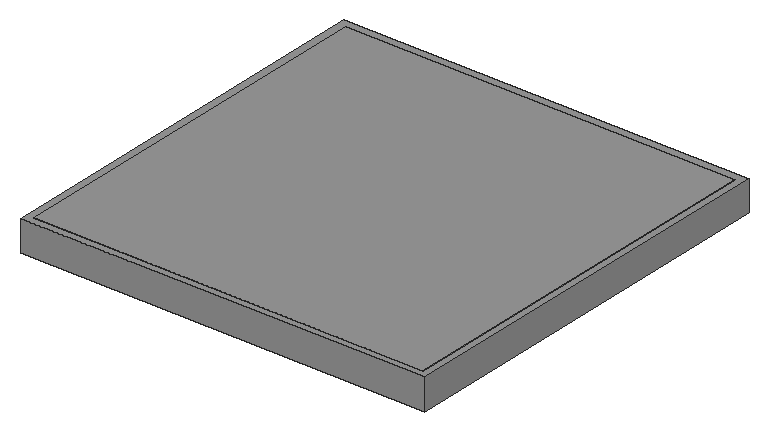
Revit family "ДВО-09 30 Вт Грильято DALI", category Осветительные приборы, Revit 2019 (continued)
Types (6, lengths in mm): name | Эффективность светильника | Файл фотометрической сетки | Тип рассеивателя | Световой поток модуля | built-in parameter 1150142 | Wattage | built-in parameter 1114217 | built-in parameter 1150134 | Lumens | built-in parameter 1150105 | Категория по ограничению яркости | built-in parameter 1150107 | built-in parameter 1150106 | Габаритная яркость | Артикул | URL
    0 0.0 0.0 0.0 0.0 0.0 0.0 0.0 0.0 0.0 0.0 0.0 0.0 0.0 0.0 0.0 0.0 0.0 0.0 0.0 0.0 0.0 0.0 0.0 0.0 0.0 0.0 0.0 0.0 0.0 0.0 0.0 0.0 0.0 0.0 0.0 0.0 0.0 0.0 0.0 0.0 0.0 0.0 0.0 0.0 0.0 0.0 0.0 0.0 0.0 0.0 0.0 0.0 0.0 0.0 0.0 0.0 0.0 0.0 0.0\r\n1213.1 1212.5 1211.4 1209.7 1207.7 1205.2 1202.4 1199.0 1195.1 1191.1 1186.4 1181.3 1175.8 1169.6 1163.1 1156.1 1148.7 1141.0 1132.7 1124.2 1115.2 1105.9 1096.5 1086.6 1076.2 1065.2 1054.2 1042.6 1030.9 1018.7 1006.2 993.3 980.2 966.5 952.8 939.0 924.7 910.3 895.5 880.5 865.0 849.3 833.2 816.8 800.2 783.4 766.4 749.3 732.0 714.6 697.1 679.1 660.9 642.4 623.7 604.6 585.4 566.0 546.5 526.9 507.2 487.3 467.1 446.8 426.5 405.8 385.0 364.5 343.5 322.9 301.9 281.4 260.6 240.4 219.8 200.1 180.2 161.0 141.9 123.4 105.7 88.9 73.1 58.6 45.7 34.3 25.1 18.0 12.9 9.6 7.6 6.6 6.2 6.1 6.2 6.2 6.2 6.2 6.3 6.3 0.0 0.0 0.0 0.0 0.0 0.0 0.0 0.0 0.0 0.0 0.0 0.0 0.0 0.0 0.0 0.0 0.0 0.0 0.0 0.0 0.0 0.0 0.0 0.0 0.0 0.0 0.0 0.0 0.0 0.0 0.0 0.0 0.0 0.0 0.0 0.0 0.0 0.0 0.0 0.0 0.0 0.0 0.0 0.0 0.0 0.0 0.0 0.0 0.0 0.0 0.0 0.0 0.0 0.0 0.0 0.0 0.0 0.0 0.0 0.0 0.0\r\n1213.1 1212.4 1211.4 1209.9 1207.9 1205.4 1202.5 1199.2 1195.4 1191.4 1186.7 1181.5 1176.1 1170.0 1163.6 1156.8 1149.5 1141.8 1133.8 1125.3 1116.3 1106.9 1097.4 1087.3 1076.9 1066.0 1055.1 1043.6 1032.1 1020.1 1007.7 995.1 982.0 968.3 954.5 940.5 926.0 911.6 896.4 881.5 865.6 850.1 833.9 817.7 801.0 784.3 767.3 750.5 733.2 716.1 698.4 680.8 662.5 644.3 625.5 606.7 587.4 568.2 548.4 528.9 509.0 489.1 468.8 448.8 428.2 407.8 387.1 366.6 345.6 325.0 304.0 283.4 262.5 242.3 221.7 201.9 182.0 162.7 143.6 124.9 107.4 90.3 74.6 59.7 46.8 35.2 26.0 18.6 13.5 10.1 7.9 6.9 6.3 6.1 6.2 6.2 6.2 6.2 6.3 6.4 0.0 0.0 0.0 0.0 0.0 0.0 0.0 0.0 0.0 0.0 0.0 0.0 0.0 0.0 0.0 0.0 0.0 0.0 0.0 0.0 0.0 0.0 0.0 0.0 0.0 0.0 0.0 0.0 0.0 0.0 0.0 0.0 0.0 0.0 0.0 0.0 0.0 0.0 0.0 0.0 0.0 0.0 0.0 0.0 0.0 0.0 0.0 0.0 0.0 0.0 0.0 0.0 0.0 0.0 0.0 0.0 0.0 0.0 0.0 0.0 0.0\r\n1213.1 1212.4 1211.2 1209.5 1207.3 1204.6 1201.4 1197.9 1193.9 1189.7 1184.8 1179.6 1173.9 1167.8 1161.1 1154.1 1146.5 1138.6 1130.3 1121.6 1112.5 1102.9 1093.3 1083.0 1072.6 1061.6 1050.5 1038.7 1027.0 1014.6 1002.0 989.0 975.7 961.8 947.9 933.7 919.2 904.6 889.6 874.5 859.0 843.5 827.5 811.2 794.7 777.8 760.8 743.6 726.1 708.5 690.7 672.6 654.3 635.8 617.2 598.2 579.1 559.8 540.3 520.6 500.6 480.7 460.3 440.2 419.4 399.0 378.2 357.6 336.7 316.2 295.3 275.0 254.3 234.4 214.1 194.5 175.0 156.0 137.2 119.1 101.8 85.3 70.0 55.8 43.3 32.6 23.9 17.1 12.4 9.3 7.5 6.7 6.4 6.3 6.4 6.4 6.3 6.4 6.5 6.6 0.0 0.0 0.0 0.0 0.0 0.0 0.0 0.0 0.0 0.0 0.0 0.0 0.0 0.0 0.0 0.0 0.0 0.0 0.0 0.0 0.0 0.0 0.0 0.0 0.0 0.0 0.0 0.0 0.0 0.0 0.0 0.0 0.0 0.0 0.0 0.0 0.0 0.0 0.0 0.0 0.0 0.0 0.0 0.0 0.0 0.0 0.0 0.0 0.0 0.0 0.0 0.0 0.0 0.0 0.0 0.0 0.0 0.0 0.0 0.0 0.0\r\n1213.1 1212.4 1211.0 1209.0 1206.6 1203.8 1200.3 1196.6 1192.3 1187.9 1182.9 1177.6 1171.6 1165.5 1158.5 1151.3 1143.5 1135.3 1126.8 1117.8 1108.6 1098.9 1089.1 1078.7 1068.2 1057.1 1045.8 1033.8 1021.8 1009.1 996.3 982.8 969.3 955.2 941.2 926.8 912.4 897.5 882.7 867.5 852.4 836.8 821.0 804.7 788.4 771.2 754.2 736.6 719.0 700.8 683.0 664.4 646.1 627.2 608.8 589.7 570.8 551.3 532.1 512.2 492.1 472.3 451.8 431.6 410.6 390.1 369.2 348.6 327.7 307.3 286.6 266.5 246.0 226.4 206.4 187.1 167.9 149.3 130.8 113.3 96.2 80.2 65.4 51.9 39.8 29.9 21.7 15.6 11.2 8.5 7.0 6.5 6.4 6.4 6.5 6.6 6.4 6.6 6.7 6.7 0.0 0.0 0.0 0.0 0.0 0.0 0.0 0.0 0.0 0.0 0.0 0.0 0.0 0.0 0.0 0.0 0.0 0.0 0.0 0.0 0.0 0.0 0.0 0.0 0.0 0.0 0.0 0.0 0.0 0.0 0.0 0.0 0.0 0.0 0.0 0.0 0.0 0.0 0.0 0.0 0.0 0.0 0.0 0.0 0.0 0.0 0.0 0.0 0.0 0.0 0.0 0.0 0.0 0.0 0.0 0.0 0.0 0.0 0.0 0.0 0.0\r\n1213.1 1212.5 1211.3 1209.5 1207.5 1205.0 1202.2 1198.8 1194.8 1190.7 1186.0 1181.0 1175.4 1169.1 1162.5 1155.4 1147.9 1140.1 1131.6 1123.0 1114.0 1104.9 1095.6 1085.8 1075.4 1064.4 1053.3 1041.6 1029.7 1017.2 1004.6 991.4 978.3 964.7 951.1 937.4 923.4 908.9 894.5 879.4 864.4 848.5 832.5 815.9 799.4 782.4 765.5 748.1 730.8 713.1 695.7 677.3 659.3 640.5 621.9 602.4 583.3 563.7 544.6 524.8 505.4 485.4 465.4 444.8 424.7 403.8 382.9 362.4 341.4 320.7 299.8 279.3 258.6 238.4 217.9 198.2 178.3 159.2 140.1 121.9 104.0 87.4 71.6 57.5 44.5 33.3 24.2 17.3 12.3 9.1 7.2 6.3 6.1 6.1 6.1 6.2 6.1 6.2 6.3 6.2 0.0 0.0 0.0 0.0 0.0 0.0 0.0 0.0 0.0 0.0 0.0 0.0 0.0 0.0 0.0 0.0 0.0 0.0 0.0 0.0 0.0 0.0 0.0 0.0 0.0 0.0 0.0 0.0 0.0 0.0 0.0 0.0 0.0 0.0 0.0 0.0 0.0 0.0 0.0 0.0 0.0 0.0 0.0 0.0 0.0 0.0 0.0 0.0 0.0 0.0 0.0 0.0 0.0 0.0 0.0 0.0 0.0 0.0 0.0 0.0 0.0\r\n1213.1 1212.5 1211.4 1209.7 1207.7 1205.2 1202.4 1199.0 1195.1 1191.1 1186.4 1181.3 1175.8 1169.6 1163.1 1156.1 1148.7 1141.0 1132.7 1124.2 1115.2 1105.9 1096.5 1086.6 1076.2 1065.2 1054.2 1042.6 1030.9 1018.7 1006.2 993.3 980.2 966.5 952.8 939.0 924.7 910.3 895.5 880.5 865.0 849.3 833.2 816.8 800.2 783.4 766.4 749.3 732.0 714.6 697.1 679.1 660.9 642.4 623.7 604.6 585.4 566.0 546.5 526.9 507.2 487.3 467.1 446.8 426.5 405.8 385.0 364.5 343.5 322.9 301.9 281.4 260.6 240.4 219.8 200.1 180.2 161.0 141.9 123.4 105.7 88.9 73.1 58.6 45.7 34.3 25.1 18.0 12.9 9.6 7.6 6.6 6.2 6.1 6.2 6.2 6.2 6.2 6.3 6.3 0.0 0.0 0.0 0.0 0.0 0.0 0.0 0.0 0.0 0.0 0.0 0.0 0.0 0.0 0.0 0.0 0.0 0.0 0.0 0.0 0.0 0.0 0.0 0.0 0.0 0.0 0.0 0.0 0.0 0.0 0.0 0.0 0.0 0.0 0.0 0.0 0.0 0.0 0.0 0.0 0.0 0.0 0.0 0.0 0.0 0.0 0.0 0.0 0.0 0.0 0.0 0.0 0.0 0.0 0.0 0.0 0.0 0.0 0.0 0.0 0.0\r\n1213.1 1212.4 1211.4 1209.9 1207.9 1205.4 1202.5 1199.2 1195.4 1191.4 1186.7 1181.5 1176.1 1170.0 1163.6 1156.8 1149.5 1141.8 1133.8 1125.3 1116.3 1106.9 1097.4 1087.3 1076.9 1066.0 1055.1 1043.6 1032.1 1020.1 1007.7 995.1 982.0 968.3 954.5 940.5 926.0 911.6 896.4 881.5 865.6 850.1 833.9 817.7 801.0 784.3 767.3 750.5 733.2 716.1 698.4 680.8 662.5 644.3 625.5 606.7 587.4 568.2 548.4 528.9 509.0 489.1 468.8 448.8 428.2 407.8 387.1 366.6 345.6 325.0 304.0 283.4 262.5 242.3 221.7 201.9 182.0 162.7 143.6 124.9 107.4 90.3 74.6 59.7 46.8 35.2 26.0 18.6 13.5 10.1 7.9 6.9 6.3 6.1 6.2 6.2 6.2 6.2 6.3 6.4 0.0 0.0 0.0 0.0 0.0 0.0 0.0 0.0 0.0 0.0 0.0 0.0 0.0 0.0 0.0 0.0 0.0 0.0 0.0 0.0 0.0 0.0 0.0 0.0 0.0 0.0 0.0 0.0 0.0 0.0 0.0 0.0 0.0 0.0 0.0 0.0 0.0 0.0 0.0 0.0 0.0 0.0 0.0 0.0 0.0 0.0 0.0 0.0 0.0 0.0 0.0 0.0 0.0 0.0 0.0 0.0 0.0 0.0 0.0 0.0 0.0\r\n1213.1 1212.4 1211.2 1209.5 1207.3 1204.6 1201.4 1197.9 1193.9 1189.7 1184.8 1179.6 1173.9 1167.8 1161.1 1154.1 1146.5 1138.6 1130.3 1121.6 1112.5 1102.9 1093.3 1083.0 1072.6 1061.6 1050.5 1038.7 1027.0 1014.6 1002.0 989.0 975.7 961.8 947.9 933.7 919.2 904.6 889.6 874.5 859.0 843.5 827.5 811.2 794.7 777.8 760.8 743.6 726.1 708.5 690.7 672.6 654.3 635.8 617.2 598.2 579.1 559.8 540.3 520.6 500.6 480.7 460.3 440.2 419.4 399.0 378.2 357.6 336.7 316.2 295.3 275.0 254.3 234.4 214.1 194.5 175.0 156.0 137.2 119.1 101.8 85.3 70.0 55.8 43.3 32.6 23.9 17.1 12.4 9.3 7.5 6.7 6.4 6.3 6.4 6.4 6.3 6.4 6.5 6.6 0.0 0.0 0.0 0.0 0.0 0.0 0.0 0.0 0.0 0.0 0.0 0.0 0.0 0.0 0.0 0.0 0.0 0.0 0.0 0.0 0.0 0.0 0.0 0.0 0.0 0.0 0.0 0.0 0.0 0.0 0.0 0.0 0.0 0.0 0.0 0.0 0.0 0.0 0.0 0.0 0.0 0.0 0.0 0.0 0.0 0.0 0.0 0.0 0.0 0.0 0.0 0.0 0.0 0.0 0.0 0.0 0.0 0.0 0.0 0.0 0.0\r\n1213.1 1212.4 1211.0 1209.0 1206.6 1203.8 1200.3 1196.6 1192.3 1187.9 1182.9 1177.6 1171.6 1165.5 1158.5 1151.3 1143.5 1135.3 1126.8 1117.8 1108.6 1098.9 1089.1 1078.7 1068.2 1057.1 1045.8 1033.8 1021.8 1009.1 996.3 982.8 969.3 955.2 941.2 926.8 912.4 897.5 882.7 867.5 852.4 836.8 821.0 804.7 788.4 771.2 754.2 736.6 719.0 700.8 683.0 664.4 646.1 627.2 608.8 589.7 570.8 551.3 532.1 512.2 492.1 472.3 451.8 431.6 410.6 390.1 369.2 348.6 327.7 307.3 286.6 266.5 246.0 226.4 206.4 187.1 167.9 149.3 130.8 113.3 96.2 80.2 65.4 51.9 39.8 29.9 21.7 15.6 11.2 8.5 7.0 6.5 6.4 6.4 6.5 6.6 6.4 6.6 6.7 6.7 0.0 0.0 0.0 0.0 0.0 0.0 0.0 0.0 0.0 0.0 0.0 0.0 0.0 0.0 0.0 0.0 0.0 0.0 0.0 0.0 0.0 0.0 0.0 0.0 0.0 0.0 0.0 0.0 0.0 0.0 0.0 0.0 0.0 0.0 0.0 0.0 0.0 0.0 0.0 0.0 0.0 0.0 0.0 0.0 0.0 0.0 0.0 0.0 0.0 0.0 0.0 0.0 0.0 0.0 0.0 0.0 0.0 0.0 0.0 0.0 0.0\r\n1213.1 1212.5 1211.3 1209.5 1207.5 1205.0 1202.2 1198.8 1194.8 1190.7 1186.0 1181.0 1175.4 1169.1 1162.5 1155.4 1147.9 1140.1 1131.6 1123.0 1114.0 1104.9 1095.6 1085.8 1075.4 1064.4 1053.3 1041.6 1029.7 1017.2 1004.6 991.4 978.3 964.7 951.1 937.4 923.4 908.9 894.5 879.4 864.4 848.5 832.5 815.9 799.4 782.4 765.5 748.1 730.8 713.1 695.7 677.3 659.3 640.5 621.9 602.4 583.3 563.7 544.6 524.8 505.4 485.4 465.4 444.8 424.7 403.8 382.9 362.4 341.4 320.7 299.8 279.3 258.6 238.4 217.9 198.2 178.3 159.2 140.1 121.9 104.0 87.4 71.6 57.5 44.5 33.3 24.2 17.3 12.3 9.1 7.2 6.3 6.1 6.1 6.1 6.2 6.1 6.2 6.3 6.2 0.0 0.0 0.0 0.0 0.0 0.0 0.0 0.0 0.0 0.0 0.0 0.0 0.0 0.0 0.0 0.0 0.0 0.0 0.0 0.0 0.0 0.0 0.0 0.0 0.0 0.0 0.0 0.0 0.0 0.0 0.0 0.0 0.0 0.0 0.0 0.0 0.0 0.0 0.0 0.0 0.0 0.0 0.0 0.0 0.0 0.0 0.0 0.0 0.0 0.0 0.0 0.0 0.0 0.0 0.0 0.0 0.0 0.0 0.0 0.0 0.0\r\n1213.1 1212.5 1211.4 1209.7 1207.7 1205.2 1202.4 1199.0 1195.1 1191.1 1186.4 1181.3 1175.8 1169.6 1163.1 1156.1 1148.7 1141.0 1132.7 1124.2 1115.2 1105.9 1096.5 1086.6 1076.2 1065.2 1054.2 1042.6 1030.9 1018.7 1006.2 993.3 980.2 966.5 952.8 939.0 924.7 910.3 895.5 880.5 865.0 849.3 833.2 816.8 800.2 783.4 766.4 749.3 732.0 714.6 697.1 679.1 660.9 642.4 623.7 604.6 585.4 566.0 546.5 526.9 507.2 487.3 467.1 446.8 426.5 405.8 385.0 364.5 343.5 322.9 301.9 281.4 260.6 240.4 219.8 200.1 180.2 161.0 141.9 123.4 105.7 88.9 73.1 58.6 45.7 34.3 25.1 18.0 12.9 9.6 7.6 6.6 6.2 6.1 6.2 6.2 6.2 6.2 6.3 6.3 0.0 0.0 0.0 0.0 0.0 0.0 0.0 0.0 0.0 0.0 0.0 0.0 0.0 0.0 0.0 0.0 0.0 0.0 0.0 0.0 0.0 0.0 0.0 0.0 0.0 0.0 0.0 0.0 0.0 0.0 0.0 0.0 0.0 0.0 0.0 0.0 0.0 0.0 0.0 0.0 0.0 0.0 0.0 0.0 0.0 0.0 0.0 0.0 0.0 0.0 0.0 0.0 0.0 0.0 0.0 0.0 0.0 0.0 0.0 0.0 0.0\r\n1213.1 1212.4 1211.4 1209.9 1207.9 1205.4 1202.5 1199.2 1195.4 1191.4 1186.7 1181.5 1176.1 1170.0 1163.6 1156.8 1149.5 1141.8 1133.8 1125.3 1116.3 1106.9 1097.4 1087.3 1076.9 1066.0 1055.1 1043.6 1032.1 1020.1 1007.7 995.1 982.0 968.3 954.5 940.5 926.0 911.6 896.4 881.5 865.6 850.1 833.9 817.7 801.0 784.3 767.3 750.5 733.2 716.1 698.4 680.8 662.5 644.3 625.5 606.7 587.4 568.2 548.4 528.9 509.0 489.1 468.8 448.8 428.2 407.8 387.1 366.6 345.6 325.0 304.0 283.4 262.5 242.3 221.7 201.9 182.0 162.7 143.6 124.9 107.4 90.3 74.6 59.7 46.8 35.2 26.0 18.6 13.5 10.1 7.9 6.9 6.3 6.1 6.2 6.2 6.2 6.2 6.3 6.4 0.0 0.0 0.0 0.0 0.0 0.0 0.0 0.0 0.0 0.0 0.0 0.0 0.0 0.0 0.0 0.0 0.0 0.0 0.0 0.0 0.0 0.0 0.0 0.0 0.0 0.0 0.0 0.0 0.0 0.0 0.0 0.0 0.0 0.0 0.0 0.0 0.0 0.0 0.0 0.0 0.0 0.0 0.0 0.0 0.0 0.0 0.0 0.0 0.0 0.0 0.0 0.0 0.0 0.0 0.0 0.0 0.0 0.0 0.0 0.0 0.0\r\n1213.1 1212.4 1211.2 1209.5 1207.3 1204.6 1201.4 1197.9 1193.9 1189.7 1184.8 1179.6 1173.9 1167.8 1161.1 1154.1 1146.5 1138.6 1130.3 1121.6 1112.5 1102.9 1093.3 1083.0 1072.6 1061.6 1050.5 1038.7 1027.0 1014.6 1002.0 989.0 975.7 961.8 947.9 933.7 919.2 904.6 889.6 874.5 859.0 843.5 827.5 811.2 794.7 777.8 760.8 743.6 726.1 708.5 690.7 672.6 654.3 635.8 617.2 598.2 579.1 559.8 540.3 520.6 500.6 480.7 460.3 440.2 419.4 399.0 378.2 357.6 336.7 316.2 295.3 275.0 254.3 234.4 214.1 194.5 175.0 156.0 137.2 119.1 101.8 85.3 70.0 55.8 43.3 32.6 23.9 17.1 12.4 9.3 7.5 6.7 6.4 6.3 6.4 6.4 6.3 6.4 6.5 6.6 0.0 0.0 0.0 0.0 0.0 0.0 0.0 0.0 0.0 0.0 0.0 0.0 0.0 0.0 0.0 0.0 0.0 0.0 0.0 0.0 0.0 0.0 0.0 0.0 0.0 0.0 0.0 0.0 0.0 0.0 0.0 0.0 0.0 0.0 0.0 0.0 0.0 0.0 0.0 0.0 0.0 0.0 0.0 0.0 0.0 0.0 0.0 0.0 0.0 0.0 0.0 0.0 0.0 0.0 0.0 0.0 0.0 0.0 0.0 0.0 0.0\r\n1213.1 1212.4 1211.0 1209.0 1206.6 1203.8 1200.3 1196.6 1192.3 1187.9 1182.9 1177.6 1171.6 1165.5 1158.5 1151.3 1143.5 1135.3 1126.8 1117.8 1108.6 1098.9 1089.1 1078.7 1068.2 1057.1 1045.8 1033.8 1021.8 1009.1 996.3 982.8 969.3 955.2 941.2 926.8 912.4 897.5 882.7 867.5 852.4 836.8 821.0 804.7 788.4 771.2 754.2 736.6 719.0 700.8 683.0 664.4 646.1 627.2 608.8 589.7 570.8 551.3 532.1 512.2 492.1 472.3 451.8 431.6 410.6 390.1 369.2 348.6 327.7 307.3 286.6 266.5 246.0 226.4 206.4 187.1 167.9 149.3 130.8 113.3 96.2 80.2 65.4 51.9 39.8 29.9 21.7 15.6 11.2 8.5 7.0 6.5 6.4 6.4 6.5 6.6 6.4 6.6 6.7 6.7 0.0 0.0 0.0 0.0 0.0 0.0 0.0 0.0 0.0 0.0 0.0 0.0 0.0 0.0 0.0 0.0 0.0 0.0 0.0 0.0 0.0 0.0 0.0 0.0 0.0 0.0 0.0 0.0 0.0 0.0 0.0 0.0 0.0 0.0 0.0 0.0 0.0 0.0 0.0 0.0 0.0 0.0 0.0 0.0 0.0 0.0 0.0 0.0 0.0 0.0 0.0 0.0 0.0 0.0 0.0 0.0 0.0 0.0 0.0 0.0 0.0\r\n1213.1 1212.5 1211.3 1209.5 1207.5 1205.0 1202.2 1198.8 1194.8 1190.7 1186.0 1181.0 1175.4 1169.1 1162.5 1155.4 1147.9 1140.1 1131.6 1123.0 1114.0 1104.9 1095.6 1085.8 1075.4 1064.4 1053.3 1041.6 1029.7 1017.2 1004.6 991.4 978.3 964.7 951.1 937.4 923.4 908.9 894.5 879.4 864.4 848.5 832.5 815.9 799.4 782.4 765.5 748.1 730.8 713.1 695.7 677.3 659.3 640.5 621.9 602.4 583.3 563.7 544.6 524.8 505.4 485.4 465.4 444.8 424.7 403.8 382.9 362.4 341.4 320.7 299.8 279.3 258.6 238.4 217.9 198.2 178.3 159.2 140.1 121.9 104.0 87.4 71.6 57.5 44.5 33.3 24.2 17.3 12.3 9.1 7.2 6.3 6.1 6.1 6.1 6.2 6.1 6.2 6.3 6.2 0.0 0.0 0.0 0.0 0.0 0.0 0.0 0.0 0.0 0.0 0.0 0.0 0.0 0.0 0.0 0.0 0.0 0.0 0.0 0.0 0.0 0.0 0.0 0.0 0.0 0.0 0.0 0.0 0.0 0.0 0.0 0.0 0.0 0.0 0.0 0.0 0.0 0.0 0.0 0.0 0.0 0.0 0.0 0.0 0.0 0.0 0.0 0.0 0.0 0.0 0.0 0.0 0.0 0.0 0.0 0.0 0.0 0.0 0.0 0.0 0.0\r\n1213.1 1212.5 1211.4 1209.7 1207.7 1205.2 1202.4 1199.0 1195.1 1191.1 1186.4 1181.3 1175.8 1169.6 1163.1 1156.1 1148.7 1141.0 1132.7 1124.2 1115.2 1105.9 1096.5 1086.6 1076.2 1065.2 1054.2 1042.6 1030.9 1018.7 1006.2 993.3 980.2 966.5 952.8 939.0 924.7 910.3 895.5 880.5 865.0 849.3 833.2 816.8 800.2 783.4 766.4 749.3 732.0 714.6 697.1 679.1 660.9 642.4 623.7 604.6 585.4 566.0 546.5 526.9 507.2 487.3 467.1 446.8 426.5 405.8 385.0 364.5 343.5 322.9 301.9 281.4 260.6 240.4 219.8 200.1 180.2 161.0 141.9 123.4 105.7 88.9 73.1 58.6 45.7 34.3 25.1 18.0 12.9 9.6 7.6 6.6 6.2 6.1 6.2 6.2 6.2 6.2 6.3 6.3 0.0 0.0 0.0 0.0 0.0 0.0 0.0 0.0 0.0 0.0 0.0 0.0 0.0 0.0 0.0 0.0 0.0 0.0 0.0 0.0 0.0 0.0 0.0 0.0 0.0 0.0 0.0 0.0 0.0 0.0 0.0 0.0 0.0 0.0 0.0 0.0 0.0 0.0 0.0 0.0 0.0 0.0 0.0 0.0 0.0 0.0 0.0 0.0 0.0 0.0 0.0 0.0 0.0 0.0 0.0 0.0 0.0 0.0 0.0 0.0 0.0\r\n1213.1 1212.4 1211.4 1209.9 1207.9 1205.4 1202.5 1199.2 1195.4 1191.4 1186.7 1181.5 1176.1 1170.0 1163.6 1156.8 1149.5 1141.8 1133.8 1125.3 1116.3 1106.9 1097.4 1087.3 1076.9 1066.0 1055.1 1043.6 1032.1 1020.1 1007.7 995.1 982.0 968.3 954.5 940.5 926.0 911.6 896.4 881.5 865.6 850.1 833.9 817.7 801.0 784.3 767.3 750.5 733.2 716.1 698.4 680.8 662.5 644.3 625.5 606.7 587.4 568.2 548.4 528.9 509.0 489.1 468.8 448.8 428.2 407.8 387.1 366.6 345.6 325.0 304.0 283.4 262.5 242.3 221.7 201.9 182.0 162.7 143.6 124.9 107.4 90.3 74.6 59.7 46.8 35.2 26.0 18.6 13.5 10.1 7.9 6.9 6.3 6.1 6.2 6.2 6.2 6.2 6.3 6.4 0.0 0.0 0.0 0.0 0.0 0.0 0.0 0.0 0.0 0.0 0.0 0.0 0.0 0.0 0.0 0.0 0.0 0.0 0.0 0.0 0.0 0.0 0.0 0.0 0.0 0.0 0.0 0.0 0.0 0.0 0.0 0.0 0.0 0.0 0.0 0.0 0.0 0.0 0.0 0.0 0.0 0.0 0.0 0.0 0.0 0.0 0.0 0.0 0.0 0.0 0.0 0.0 0.0 0.0 0.0 0.0 0.0 0.0 0.0 0.0 0.0\r\n1213.1 1212.4 1211.2 1209.5 1207.3 1204.6 1201.4 1197.9 1193.9 1189.7 1184.8 1179.6 1173.9 1167.8 1161.1 1154.1 1146.5 1138.6 1130.3 1121.6 1112.5 1102.9 1093.3 1083.0 1072.6 1061.6 1050.5 1038.7 1027.0 1014.6 1002.0 989.0 975.7 961.8 947.9 933.7 919.2 904.6 889.6 874.5 859.0 843.5 827.5 811.2 794.7 777.8 760.8 743.6 726.1 708.5 690.7 672.6 654.3 635.8 617.2 598.2 579.1 559.8 540.3 520.6 500.6 480.7 460.3 440.2 419.4 399.0 378.2 357.6 336.7 316.2 295.3 275.0 254.3 234.4 214.1 194.5 175.0 156.0 137.2 119.1 101.8 85.3 70.0 55.8 43.3 32.6 23.9 17.1 12.4 9.3 7.5 6.7 6.4 6.3 6.4 6.4 6.3 6.4 6.5 6.6 0.0 0.0 0.0 0.0 0.0 0.0 0.0 0.0 0.0 0.0 0.0 0.0 0.0 0.0 0.0 0.0 0.0 0.0 0.0 0.0 0.0 0.0 0.0 0.0 0.0 0.0 0.0 0.0 0.0 0.0 0.0 0.0 0.0 0.0 0.0 0.0 0.0 0.0 0.0 0.0 0.0 0.0 0.0 0.0 0.0 0.0 0.0 0.0 0.0 0.0 0.0 0.0 0.0 0.0 0.0 0.0 0.0 0.0 0.0 0.0 0.0\r\n1213.1 1212.4 1211.0 1209.0 1206.6 1203.8 1200.3 1196.6 1192.3 1187.9 1182.9 1177.6 1171.6 1165.5 1158.5 1151.3 1143.5 1135.3 1126.8 1117.8 1108.6 1098.9 1089.1 1078.7 1068.2 1057.1 1045.8 1033.8 1021.8 1009.1 996.3 982.8 969.3 955.2 941.2 926.8 912.4 897.5 882.7 867.5 852.4 836.8 821.0 804.7 788.4 771.2 754.2 736.6 719.0 700.8 683.0 664.4 646.1 627.2 608.8 589.7 570.8 551.3 532.1 512.2 492.1 472.3 451.8 431.6 410.6 390.1 369.2 348.6 327.7 307.3 286.6 266.5 246.0 226.4 206.4 187.1 167.9 149.3 130.8 113.3 96.2 80.2 65.4 51.9 39.8 
    29.9 21.7 15.6 11.2 8.5 7.0 6.5 6.4 6.4 6.5 6.6 6.4 6.6 6.7 6.7 0.0 0.0 0.0 0.0 0.0 0.0 0.0 0.0 0.0 0.0 0.0 0.0 0.0 0.0 0.0 0.0 0.0 0.0 0.0 0.0 0.0 0.0 0.0 0.0 0.0 0.0 0.0 0.0 0.0 0.0 0.0 0.0 0.0 0.0 0.0 0.0 0.0 0.0 0.0 0.0 0.0 0.0 0.0 0.0 0.0 0.0 0.0 0.0 0.0 0.0 0.0 0.0 0.0 0.0 0.0 0.0 0.0 0.0 0.0 0.0 0.0\r\n" | 24.9088 W | 0.8 (stored number, unit not read) | 2 | 3700 lm | 294.44 (stored number, unit not read) | "1" | 5000 (stored number, unit not read) | 2.9444 (stored number, unit not read) | "<5000 кд / м2" | "14958" | "http://innolux.pro/katalog/upravlenie-osveshheniem/dvo-09-30-vt-grilyato-dali/14958.html"
